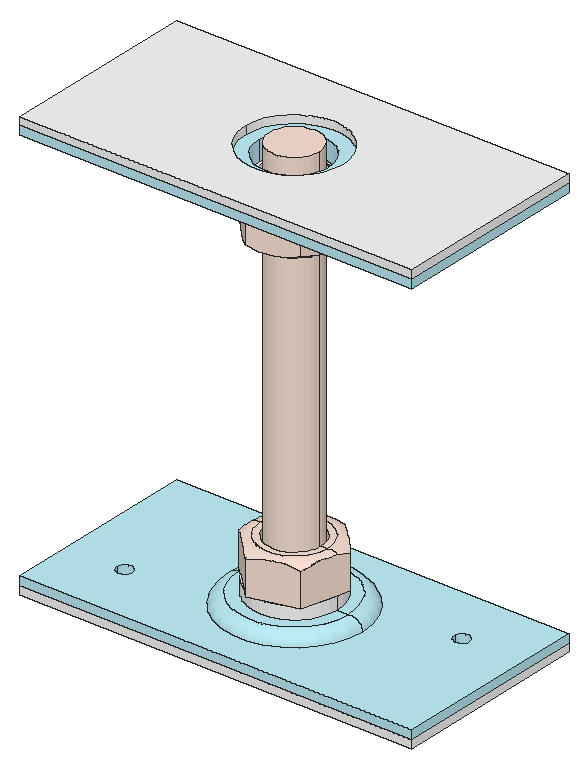
Revit family "gtqueen_plate", category 機械設備, Revit 2022
Family settings
  丸型コネクタ寸法 = 直径を使用
  種別 = なし
  パーツ タイプ = 標準
  作業面ベース = いいえ
  常に垂直 = はい
  ロード時にボイドで切り取り = いいえ
  注釈の向きを維持 = いいえ
  共有 = いいえ
  部屋計算ポイント = いいえ
Parameters
  製造元 = "株式会社桐井製作所"
  既定の高さ = 0 mm
  URL = "https://www.kirii.co.jp/"
  K_名称 = "GTクイーンプレートタイプ"
  K_備考 = "ボルト長さ60mm~250mmまで対応"
  K_バージョン情報 = "20221212"
Reference planes
  plane 1 "中心(正面/背面)": y = 0
  plane 2: z = 0
  plane 3 "中心(左/右)": x = 0
Dimensions and locks
  aligned and locked: level to plane 2
Nested families
  nested 1: "クッションゴムGTクイーン用" at (0.038, 0, 107.3), type "クッションゴムGTクイーン用"
  nested 2: "1／2”ボルト" at (0.038, 0, 0), type "1／2”ボルト"
    with K_長さ(mm) 110 mm
  nested 3: "受け金具GTクイーン用" at (0, 0, 2), type "受け金具GTクイーン用"
  nested 4: "受け金具GTクイーン用" at (0, 0, 107.3) x (1, 0, 0) z (0, 0, -1), type "受け金具GTクイーン用"
  nested 5: "1／2”ナット" at (0.076, 0, 10.2), type "1／2”ナット"
  nested 6: "1／2”スプリングワッシャー" at (0.038, 0, 7), type "1／2”スプリングワッシャー"
  nested 7: "クッションゴムGTクイーン用" at (0, 0, 0), type "クッションゴムGTクイーン用"
  nested 8: "1／2”ナット" at (0.076, 0, 99.1) x (1, 0, 0) z (0, 0, -1), type "1／2”ナット"
  nested 9: "1／2”スプリングワッシャー" at (-0.038, 0, 99.1), type "1／2”スプリングワッシャー"
Definition of nested family "クッションゴムGTクイーン用"
  Parameters (values of type "クッションゴムGTクイーン用")
    Manufacturer = "株式会社桐井製作所"
    Default Elevation = 0 mm
    URL = "https://www.kirii.co.jp/"
    K_材質 = "天然ゴム"
    K_名称 = "クッションゴムGTクイーン用"
    K_単位質量(kg/個) = 0.013
    K_バージョン情報 = "20221219"
    K_JIS規格 = "JIS Ｋ 6386"
  Reference planes
    plane 1 "中心(正面/背面)": y = 0
    plane 2: z = 0
    plane 3 "中心(左/右)": x = 0
  Forms (mm)
    Extrusion 1, solid
      sketch origin (0, 0, -108.4) x (-1, 0, 0) y (0, 0, 1)
        loop
          line (50, 108.4) -> (50, 110.4) -> (-50, 110.4) -> (-50, 108.4) -> (50, 108.4)
      from -25 to 25
    Extrusion 2, void
      sketch origin (0, 0, 0) x (1, 0, 0) y (0, 1, 0)
        loop
          circle (0, 0) r 12.5
      from 0 to 2
  Cuts and joins
    Extrusion 2 cuts Extrusion 1
  Dimensions and locks
    aligned and locked: level to plane 2
Definition of nested family "1／2”ボルト"
  Parameters (values of type "1／2”ボルト")
    Manufacturer = "株式会社桐井製作所"
    Default Elevation = 0 mm
    URL = "https://www.kirii.co.jp/"
    K_長さ(mm) [instance] = 100 mm
    K_表面処理 = "JIS H 8610 電気亜鉛めっき1級以上　JIS H 8625 1級CM1A以上"
    K_材質 = "軟鋼線材　JIS G 3505　同等以上"
    K_名称 = "1/2”ボルト"
    K_単位質量(㎏/mm) = 0.075
    K_バージョン情報 = "20221219"
  Reference planes
    plane 1 "中心(正面/背面)": y = 0
    plane 2: z = 0
    plane 3 "中心(左/右)": x = 0
  Forms (mm)
    Extrusion 1, solid
      sketch origin (0.058, 0, 0) x (1, 0, 0) y (0, 1, 0)
        loop
          circle (-0.02, 0) r 6.35
      from 0 to 100
  Dimensions and locks
    "K_長さ(mm)": Extrusion 1 to Extrusion 1
    aligned and locked: level to plane 2
  Automatic sketch dimensions
    plane 1 "中心(正面/背面)" to Extrusion 1 sketch curve = 0 mm
    plane 3 "中心(左/右)" to Extrusion 1 sketch curve = 0.038 mm
    radius of Extrusion 1 sketch curve = 6.35 mm
Definition of nested family "受け金具GTクイーン用"
  Parameters (values of type "受け金具GTクイーン用")
    Manufacturer = "株式会社桐井製作所"
    Default Elevation = 0 mm
    URL = "https://www.kirii.co.jp/"
    K_表面処理 = "Z12以上"
    K_材質 = "溶融亜鉛めっき鋼板及び鋼帯 JIS G 3302"
    K_名称 = "GTクイーン用受け金具"
    K_単位質量(kg/個) = 0.092
    K_バージョン情報 = "20221219"
  Reference planes
    plane 1 "中心(正面/背面)": y = 0
    plane 2: z = 0
    plane 3 "中心(左/右)": x = 0
  Forms (mm)
    Extrusion 1, solid
      sketch origin (0, 0, 0) x (1, 0, 0) y (0, 0, 1)
        loop
          line (-50, 2.3) -> (-50, 0) -> (50, 0) -> (50, 2.3) -> (-50, 2.3)
      from -25 to 25
    Revolve 2, solid
      sketch origin (0, 0, 0) x (1, 0, 0) y (0, 0, 1)
        loop
          line (0, 5) -> (0, 2.3) -> (17.5, 2.3)
          arc (17.5, 2.3) -> (16.21, 4.247) -> (14, 5) r 3.619
          line (14, 5) -> (0, 5)
        axis (0, 5) -> (0, 2.3)
      angle from 0 to 360
    Extrusion 3, void
      sketch origin (0, 0, 0) x (1, 0, 0) y (0, 1, 0)
        loop
          circle (-0.139, 0) r 9
      from 0 to 5
    Extrusion 4, void
      sketch origin (0, 0, 0) x (1, 0, 0) y (0, 1, 0)
        loop
          circle (-35.139, -10) r 2
        loop
          circle (34.861, 10) r 2
      from 0 to 2.3
  Cuts and joins
    Extrusion 3, Extrusion 4 cuts Extrusion 1
    Extrusion 3, Extrusion 4 cuts Revolve 2
    joined: Extrusion 1, Revolve 2
  Dimensions and locks
    aligned and locked: level to plane 2
Definition of nested family "1／2”ナット"
  Parameters (values of type "1／2”ナット")
    Manufacturer = "株式会社桐井製作所"
    Default Elevation = 0 mm
    URL = "https://www.kirii.co.jp/"
    K_表面処理 = "JIS H 8610 電気亜鉛めっき1級以上　JIS H 8625 1級CM1A以上"
    K_材質 = "軟鋼線材 JIS G 3505 同等以上"
    K_名称 = "1/2\"ナット"
    K_単位質量(kg/個) = 0.021
    K_バージョン情報 = "20221219"
  Reference planes
    plane 1 "中心(正面/背面)": y = 0
    plane 2: z = 0
    plane 3 "中心(左/右)": x = 0
  Forms (mm)
    Revolve 1, solid
      sketch origin (0, 0, 2.36) x (1, 0, 0) y (0, 0, 1)
        loop
          line (7, 7.64) -> (7, -2.36) -> (13, -2.36) -> (13, 4.782)
          arc (13, 4.782) -> (11.208, 6.863) -> (8.573, 7.64) r 4.858
          line (8.573, 7.64) -> (7, 7.64)
        axis (0, 7.64) -> (0, -2.36)
      angle from 0 to 360
    Extrusion 2, void
      sketch origin (0, 0, 0) x (1, 0, 0) y (0, 1, 0)
        loop
          circle (0, 0) r 14
        loop
          line (3.138, 11.711) -> (-8.573, 8.573) -> (-11.711, -3.138) -> (-3.138, -11.711) -> (8.573, -8.573) -> (11.711, 3.138) -> (3.138, 11.711)
      from 0 to 10
  Cuts and joins
    Extrusion 2 cuts Revolve 1
  Dimensions and locks
    aligned and locked: level to plane 2
Definition of nested family "1／2”スプリングワッシャー"
  Parameters (values of type "1／2”スプリングワッシャー")
    Manufacturer = "株式会社桐井製作所"
    Default Elevation = 0 mm
    URL = "https://www.kirii.co.jp/"
    K_表面処理 = "JIS H 8610 電気亜鉛めっき1級以上　JIS H 8625 1級CM1A以上"
    K_材質 = "軟鋼線材 JIS G 3505 同等以上"
    K_名称 = "1/2”スプリングワッシャー"
    K_単位質量(kg/個) = 0.001
    K_バージョン情報 = "20221219"
  Reference planes
    plane 1 "中心(正面/背面)": y = 0
    plane 2: z = 0
    plane 3 "中心(左/右)": x = 0
  Forms (mm)
    Extrusion 1, solid
      sketch origin (0, 0, 0) x (1, 0, 0) y (0, 1, 0)
        loop
          circle (0, 0.162) r 11
        loop
          circle (0, 0.162) r 8
      from 0 to 3.2
  Dimensions and locks
    aligned and locked: level to plane 2
